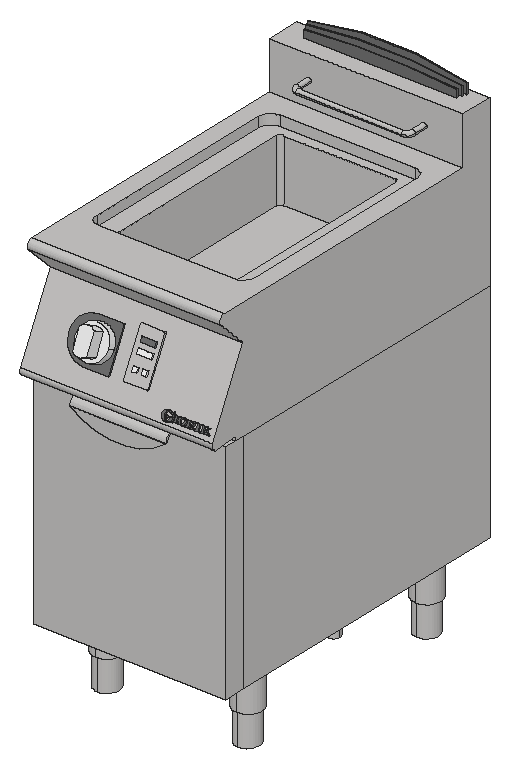
Revit family "QF_GIORIK_FG7413MP", category Specialty Equipment, Revit 2014
Parameters (values of type "FG7413MP")
  Weight in Pounds = 149.9142
  Watts = 100 W
  Volts = 230 V
  URL Cutsheet = "www.giorik.com"
  URL = "www.giorik.com"
  Status [instance] = ""
  Specification by User [instance] = ""
  Specification by Manufacturer = ""
  Show Logo [instance] = yes
  Show Clearance [instance] = yes
  Serial Number = ""
  Seismic Rating = ""
  SMACNA No = ""
  Revision Code [instance] = ""
  Phase = 1
  Number of Poles [instance] = 1
  NAFEM Spec ID Number = ""
  Model = "FG7413MP"
  Min Ckt Ampacity = 0 A
  Mechanical Remarks [instance] = "Natural Gas"
  Mechanical Connection Type [instance] = ""
  Max Overcurrent Protection = 0 A
  Masterspec = ""
  Manufacturer = "GIORIK"
  Item Number [instance] = ""
  Installed By [instance] = ""
  Identify Quantity as Lot [instance] = no
  HP = "0.134102000000"
  Gas Size = 1"
  Gas RI Height [instance] = 0 mm
  Gas KW = 12
  Gas Input = 12000 W
  Gas Connection Height [instance] = 150 mm
  Furnished By [instance] = ""
  Foodservice Equipment Identifier [instance] = yes
  FL Amps = 0 A
  Electrical Remarks [instance] = ""
  Electric Connection Type [instance] = ""
  Elec Conn RI Height [instance] = 0 mm
  Elec Conn Connection Height [instance] = 150 mm
  Description = "13 LITRE MELTING GAS FRYER."
  Cycle = 50 Hz
  Conn Plug = ""
  Conn Conduit [instance] = no
  CSI MasterFormat = ""
  Assembly Code = "E1090320"
  Apparent Power = 100 VA
Reference planes
  plane 1 "Back": y = 0
  plane 2: z = 0
  plane 3 "Left": x = 0
  plane 4 "Right": x = 400
  plane 5 "Front": y = -720
  plane 6 "Top": z = 900
Forms (mm)
  Extrusion 1, solid, visible <- "Show Logo"
    sketch origin (196.604, -736.761, 609.486) x (-1, 0, 0) y (0, 0.452718, 0.891654)
      loop
        line (-118.824, 58.358) -> (-127.804, 58.358) -> (-125.523, 56.445) -> (-125.523, 48.027) -> (-127.804, 46.113) -> (-118.824, 46.113) -> (-121.105, 48.027) -> (-121.105, 56.445) -> (-118.824, 58.358)
      loop
        line (-163.721, 58.358) -> (-172.7, 58.358) -> (-170.42, 56.445) -> (-170.42, 48.027) -> (-172.7, 46.113) -> (-163.721, 46.113) -> (-166.001, 48.027) -> (-166.001, 56.445) -> (-163.721, 58.358)
      loop
        line (-174.332, 58.358) -> (-183.312, 58.358) -> (-181.031, 56.445) -> (-181.031, 52.435) -> (-186.419, 56.955) -> (-184.416, 58.358) -> (-191.268, 58.358) -> (-188.01, 56.839) -> (-185.455, 54.283) -> (-190.846, 47.858) -> (-193.396, 46.93) -> (-193.396, 46.113) -> (-184.416, 46.113) -> (-185.437, 47.571) -> (-182.443, 51.552) -> (-181.031, 50.894) -> (-181.031, 48.027) -> (-183.312, 46.113) -> (-174.332, 46.113) -> (-176.613, 48.027) -> (-176.613, 56.445) -> (-174.332, 58.358)
      loop
        line (-115.429, 62.063) -> (-115.429, 54.198)
        arc (-115.429, 54.198) -> (-111.618, 57.803) -> (-106.847, 59.986) r 16.039
        arc (-106.847, 59.986) -> (-103.314, 59.837) -> (-100.512, 57.68) r 5.851
        arc (-100.512, 57.68) -> (-98.815, 52.267) -> (-100.512, 46.853) r 9.479
        arc (-100.512, 46.853) -> (-102.406, 44.986) -> (-104.846, 43.93) r 7.236
        arc (-104.846, 43.93) -> (-107.728, 44.111) -> (-110.052, 45.825) r 5.11
        line (-110.052, 45.825) -> (-110.052, 52.001) -> (-116.141, 52.001) -> (-116.141, 45.503) -> (-117.893, 43.751) -> (-114.094, 44.769)
        arc (-114.094, 44.769) -> (-112.56, 44.947) -> (-111.129, 44.366) r 3.115
        arc (-111.129, 44.366) -> (-104.216, 42.091) -> (-97.303, 44.366) r 11.641
        arc (-97.303, 44.366) -> (-93.396, 52.107) -> (-97.303, 59.849) r 9.622
        arc (-97.303, 59.849) -> (-104.369, 62.174) -> (-111.435, 59.849) r 11.898
        line (-111.435, 59.849) -> (-115.429, 62.063)
      loop
        arc (-129.234, 56.068) -> (-135.893, 58.628) -> (-142.552, 56.068) r 9.941
        arc (-142.552, 56.068) -> (-144.234, 52.286) -> (-142.552, 48.505) r 5.093
        arc (-142.552, 48.505) -> (-135.893, 45.945) -> (-129.234, 48.505) r 9.941
        arc (-129.234, 48.505) -> (-127.552, 52.286) -> (-129.234, 56.068) r 5.093
      loop
        arc (-132.628, 54.403) -> (-135.893, 57.668) -> (-139.158, 54.403) r 3.265
        line (-139.158, 54.403) -> (-139.158, 50.169)
        arc (-139.158, 50.169) -> (-135.893, 46.904) -> (-132.628, 50.169) r 3.265
        line (-132.628, 50.169) -> (-132.628, 54.403)
      loop
        arc (-156.363, 58.365) -> (-159.647, 55.081) -> (-156.363, 51.796) r 3.285
        line (-156.363, 51.796) -> (-159.529, 47.306) -> (-162.087, 46.113) -> (-155.847, 46.113) -> (-153.529, 51.083) -> (-150.637, 51.083) -> (-150.637, 47.784) -> (-153.022, 46.113) -> (-144.011, 46.113) -> (-146.094, 47.68) -> (-146.094, 56.493) -> (-144.229, 58.365) -> (-156.363, 58.365)
      loop
        line (-150.637, 57.512) -> (-153.637, 57.512)
        arc (-153.637, 57.512) -> (-156.237, 54.912) -> (-153.637, 52.312) r 2.6
        line (-153.637, 52.312) -> (-150.637, 52.312) -> (-150.637, 57.512)
      loop
        line (-108.924, 52.001) -> (-104.936, 49.005) -> (-100.948, 52.001) -> (-108.924, 52.001)
    from 1.5 to -0.5
  Extrusion 2, solid
    sketch origin (-16, 1025.81, 0) x (1, 0, 0) y (0, 1, 0)
      loop
        line (25, -1086.81) -> (25, -1156.81) -> (115, -1156.81) -> (115, -1086.81) -> (25, -1086.81)
    from 148 to 150
  Extrusion 3, solid
    sketch origin (-14, 0, 130) x (1, 0, 0) y (0, 1, 0)
      loop
        circle (54, -385) r 12.5
    from 0 to 20
  Extrusion 4, solid
    sketch origin (0, 1000, -20) x (0, 1, 0) y (0, 0, 1)
      loop
        line (-1000, 989.988) -> (-1070, 989.988) -> (-1070, 889.988) -> (-1688.806, 889.988)
        arc (-1688.806, 889.988) -> (-1699.151, 883.075) -> (-1696.724, 870.873) r 11.197
        line (-1696.724, 870.873) -> (-1640.876, 815.025) -> (-1718.948, 661.258)
        arc (-1718.948, 661.258) -> (-1718.233, 650.105) -> (-1708.118, 645.354) r 10.981
        line (-1708.118, 645.354) -> (-1660, 649.925) -> (-1660, 640) -> (-1000, 640) -> (-1000, 989.988)
    from 0 to 400
  Extrusion 5, solid
    sketch origin (0, 0, 599.536) x (1, 0, 0) y (0, 1, 0)
      loop
        line (0, -640) -> (40, -640) -> (40, -40) -> (360, -40) -> (360, -640) -> (400, -640) -> (400, 0) -> (0, 0) -> (0, -640)
    from -449.536 to 20.464
  Extrusion 6, solid
    sketch origin (0, 0, 0) x (1, 0, 0) y (0, 1, 0)
      loop
        line (40, -40) -> (40, -640) -> (360, -640) -> (360, -40) -> (40, -40)
    from 150 to 190
  Extrusion 7, solid
    sketch origin (-16, 560.81, 0) x (1, 0, 0) y (0, 1, 0)
      loop
        line (25, -1086.81) -> (25, -1156.81) -> (115, -1156.81) -> (115, -1086.81) -> (25, -1086.81)
    from 148 to 150
  Revolve 8, solid
    sketch origin (54, 560.81, 0) x (0, 1, 0) y (0, 0, 1)
      loop
        line (-1092.56, 66) -> (-1092.56, 148) -> (-1121.81, 148) -> (-1121.81, 0) -> (-1096.81, 0) -> (-1096.81, 66) -> (-1092.56, 66)
      axis (-1121.81, 0) -> (-1121.81, 148)
    angle from 0 to 360
  Revolve 9, solid
    sketch origin (54, 1025.81, 0) x (0, 1, 0) y (0, 0, 1)
      loop
        line (-1092.56, 66) -> (-1092.56, 148) -> (-1121.81, 148) -> (-1121.81, 0) -> (-1096.81, 0) -> (-1096.81, 66) -> (-1092.56, 66)
      axis (-1121.81, 0) -> (-1121.81, 148)
    angle from 0 to 360
  Extrusion 10, solid
    sketch origin (416, 560.81, 0) x (-1, 0, 0) y (0, -1, 0)
      loop
        line (25, 1086.81) -> (115, 1086.81) -> (115, 1156.81) -> (25, 1156.81) -> (25, 1086.81)
    from 148 to 150
  Revolve 11, solid
    sketch origin (346, 560.81, 0) x (0, 1, 0) y (0, 0, -1)
      loop
        line (-1092.56, -66) -> (-1096.81, -66) -> (-1096.81, 0) -> (-1121.81, 0) -> (-1121.81, -148) -> (-1092.56, -148) -> (-1092.56, -66)
      axis (-1121.81, 0) -> (-1121.81, -148)
    angle from 0 to 360
  Extrusion 12, solid
    sketch origin (416, -1217.81, 0) x (-1, 0, 0) y (0, -1, 0)
      loop
        line (25, -1086.81) -> (25, -1156.81) -> (115, -1156.81) -> (115, -1086.81) -> (25, -1086.81)
    from 148 to 150
  Revolve 13, solid
    sketch origin (346, -1217.81, 0) x (0, -1, 0) y (0, 0, 1)
      loop
        line (-1092.56, 66) -> (-1092.56, 148) -> (-1121.81, 148) -> (-1121.81, 0) -> (-1096.81, 0) -> (-1096.81, 66) -> (-1092.56, 66)
      axis (-1121.81, 0) -> (-1121.81, 148)
    angle from 0 to 360
  Extrusion 14, solid
    sketch origin (-293.221, -963.345, 52.363) x (1, 0, 0) y (0, 0.452718, 0.891654)
      loop
        line (463.221, 676.25) -> (463.221, 766.25) -> (409.698, 766.25)
        arc (409.698, 766.25) -> (364.698, 721.25) -> (409.698, 676.25) r 45
        line (409.698, 676.25) -> (463.221, 676.25)
    from 48 to 50
  Extrusion 15, solid
    sketch origin (481.331, -1008.697, 74.959) x (-1, 0, 0) y (0, -0.45351, -0.891251)
      loop
        circle (351.331, -721.346) r 35
    from 0 to 15
  Extrusion 16, solid
    sketch origin (481.331, -1008.697, 74.959) x (-1, 0, 0) y (0, -0.45351, -0.891251)
      loop
        arc (336.331, -743.846) -> (351.331, -748.846) -> (366.331, -743.846) r 25
        line (366.331, -743.846) -> (366.331, -698.846)
        arc (366.331, -698.846) -> (351.331, -693.846) -> (336.331, -698.846) r 25
        line (336.331, -698.846) -> (336.331, -743.846)
    from 15 to 40
  Extrusion 17, solid
    sketch origin (-94, 0, 59.999) x (1, 0, 0) y (0, 0, 1)
      loop
        line (135, 909.989) -> (453, 909.989) -> (453, 925.527) -> (347.056, 931.749) -> (240.944, 931.749) -> (135, 925.527) -> (135, 909.989)
    from 32 to 35
  Extrusion 18, solid
    sketch origin (-92, 10, 59.999) x (1, 0, 0) y (0, 0, 1)
      loop
        line (454, 909.989) -> (454, 928.527) -> (346.162, 939.193) -> (237.838, 939.193) -> (130, 928.527) -> (130, 909.989) -> (454, 909.989)
    from 32 to 35
  Extrusion 19, solid
    sketch origin (-90, 20, 59.999) x (1, 0, 0) y (0, 0, 1)
      loop
        line (455, 909.989) -> (455, 930.527) -> (345.396, 947.413) -> (234.604, 947.413) -> (125, 930.527) -> (125, 909.989) -> (455, 909.989)
    from 32 to 35
  Extrusion 20, void
    sketch origin (0, 0, 819.988) x (0, 1, 0) y (-1, 0, 0)
      loop
        arc (-120, -60) -> (-127.322, -42.322) -> (-145, -35) r 25
        line (-145, -35) -> (-565.002, -35)
        arc (-565.002, -35) -> (-582.68, -42.322) -> (-590.002, -60) r 25
        line (-590.002, -60) -> (-590.002, -340)
        arc (-590.002, -340) -> (-582.68, -357.678) -> (-565.002, -365) r 25
        line (-565.002, -365) -> (-145, -365)
        arc (-145, -365) -> (-127.322, -357.678) -> (-120, -340) r 25
        line (-120, -340) -> (-120, -60)
    from -100 to 50
  Extrusion 21, solid
    sketch origin (0, 0, 900) x (0, 1, 0) y (-1, 0, 0)
      loop
        arc (-120, -60) -> (-127.322, -42.322) -> (-145, -35) r 25
        line (-145, -35) -> (-565.002, -35)
        arc (-565.002, -35) -> (-582.68, -42.322) -> (-590.002, -60) r 25
        line (-590.002, -60) -> (-590.002, -340)
        arc (-590.002, -340) -> (-582.68, -357.678) -> (-565.002, -365) r 25
        line (-565.002, -365) -> (-145, -365)
        arc (-145, -365) -> (-127.322, -357.678) -> (-120, -340) r 25
        line (-120, -340) -> (-120, -60)
      loop
        arc (-140, -85.011) -> (-142.929, -77.94) -> (-150, -75.011) r 10
        line (-150, -75.011) -> (-555.002, -75.011)
        arc (-555.002, -75.011) -> (-562.073, -77.94) -> (-565.002, -85.011) r 10
        line (-565.002, -85.011) -> (-565.002, -315)
        arc (-565.002, -315) -> (-562.073, -322.071) -> (-555.002, -325) r 10
        line (-555.002, -325) -> (-150, -325)
        arc (-150, -325) -> (-142.929, -322.071) -> (-140, -315) r 10
        line (-140, -315) -> (-140, -85.011)
    from -180.012 to -50
  Extrusion 22, solid
    sketch origin (0, -725, 0) x (1, 0, 0) y (0, 0, 1)
      loop
        line (0, 620) -> (0, 150) -> (400, 150) -> (400, 620) -> (0, 620)
    from -85 to -40
  Extrusion 23, solid
    sketch origin (2.5, -725, -20.1) x (0, 1, 0) y (0, 0, 1)
      loop
        arc (25, 640.1) -> (14.393, 635.707) -> (10, 625.1) r 15
        line (10, 625.1) -> (12, 625.1)
        arc (12, 625.1) -> (15.808, 634.292) -> (25, 638.1) r 13
        line (25, 638.1) -> (40, 638.1) -> (40, 640.1) -> (25, 640.1)
    from 97.5 to 297.5
  Extrusion 24, solid
    sketch origin (2.5, -724.905, -20.1) x (1, 0, 0) y (0, 0, 1)
      loop
        arc (97.5, 625.1) -> (197.5, 590.089) -> (297.5, 625.1) r 160.316
        line (297.5, 625.1) -> (97.5, 625.1)
    from -11.905 to -9.905
  Extrusion 25, solid, visible <- "Show Clearance", detail levels coarse
    sketch origin (395, -725, 0) x (-1, 0, 0) y (0, -1, 0)
      loop
        line (-5, -40) -> (395, -40)
        arc (395, -40) -> (277.534, 241.069) -> (-5, 354.968) r 395
        line (-5, 354.968) -> (-5, -40)
    from 150 to 620
  Extrusion 26, solid
    sketch origin (0, 0, 100) x (0, 1, 0) y (-1, 0, 0)
      loop
        circle (-380, -380) r 12.5
    from 30 to 50
  Sweep 27, solid
    path origin (0, 0, 919.988) x (0, 1, 0) y (-1, 0, 0)
      loop
        line (-70, -80) -> (-100, -80)
        arc (-100, -80) -> (-107.071, -82.929) -> (-110, -90) r 10
        line (-110, -90) -> (-110, -310)
        arc (-110, -310) -> (-107.071, -317.071) -> (-100, -320) r 10
        line (-100, -320) -> (-70, -320)
    profile origin (80, -85, 919.988) x (1, 0, 0) y (0, 0, 1)
      loop
        circle (0, 0) r 5
  Extrusion 28, solid
    sketch origin (-324.127, -1033.637, 21.856) x (1, 0, 0) y (0, 0.453086, 0.891467)
      loop
        arc (527.687, 837.056) -> (525.919, 836.323) -> (525.187, 834.556) r 2.5
        line (525.187, 834.556) -> (525.187, 739.556)
        arc (525.187, 739.556) -> (525.919, 737.788) -> (527.687, 737.056) r 2.5
        line (527.687, 737.056) -> (572.687, 737.056)
        arc (572.687, 737.056) -> (574.454, 737.788) -> (575.187, 739.556) r 2.5
        line (575.187, 739.556) -> (575.187, 834.556)
        arc (575.187, 834.556) -> (574.454, 836.323) -> (572.687, 837.056) r 2.5
        line (572.687, 837.056) -> (527.687, 837.056)
    from 0 to 2
  Extrusion 29, solid
    sketch origin (-322.169, -1027.435, 34.058) x (1, 0, 0) y (0, 0.453086, 0.891467)
      loop
        line (533.229, 803.367) -> (533.229, 793.367) -> (563.229, 793.367) -> (563.229, 803.367) -> (533.229, 803.367)
    from 0 to 3
  Extrusion 30, solid
    sketch origin (-322.169, -1029.701, 29.601) x (1, 0, 0) y (0, 0.453086, 0.891467)
      loop
        line (533.229, 758.367) -> (533.229, 748.367) -> (543.229, 748.367) -> (543.229, 758.367) -> (533.229, 758.367)
    from 0 to 3
  Extrusion 31, solid
    sketch origin (-322.169, -1036.497, 16.229) x (1, 0, 0) y (0, 0.453086, 0.891467)
      loop
        line (533.229, 803.367) -> (533.229, 793.367) -> (563.229, 793.367) -> (563.229, 803.367) -> (533.229, 803.367)
    from 0 to 3
  Extrusion 32, solid
    sketch origin (-302.169, -1029.701, 29.601) x (1, 0, 0) y (0, 0.453086, 0.891467)
      loop
        line (533.229, 758.367) -> (533.229, 748.367) -> (543.229, 748.367) -> (543.229, 758.367) -> (533.229, 758.367)
    from 0 to 3
Cuts and joins
  Extrusion 20 cuts Extrusion 4
Lines and regions (mm)
  symbolic lines, style "200-EquipBorder-2D"
    curve 1: line (0, -720, 0) -> (400, -720, 0)
    curve 2: line (400, -720, 0) -> (400, 0, 0)
    curve 3: line (400, 0, 0) -> (0, 0, 0)
    curve 4: line (0, 0, 0) -> (0, -720, 0)
  symbolic lines, style "200-EquipInternal-2D"
    curve 5: line (35, -12, 900) -> (365, -12, 900)
    curve 6: line (365, -12, 900) -> (365, -15, 900)
    curve 7: line (365, -15, 900) -> (35, -15, 900)
    curve 8: line (35, -15, 900) -> (35, -12, 900)
    curve 9: line (38, -22, 900) -> (362, -22, 900)
    curve 10: line (362, -22, 900) -> (362, -25, 900)
    curve 11: line (362, -25, 900) -> (38, -25, 900)
    curve 12: line (38, -25, 900) -> (38, -22, 900)
    curve 13: line (41, -32, 900) -> (359, -32, 900)
    curve 14: line (359, -32, 900) -> (359, -35, 900)
    curve 15: line (359, -35, 900) -> (41, -35, 900)
    curve 16: line (41, -35, 900) -> (41, -32, 900)
    curve 17: line (340, -120, 900) -> (60, -120, 900)
    curve 18: arc (60, -120, 900) -> (42.322, -127.322, 900) -> (35, -145, 900) r 25
    curve 19: line (35, -145, 900) -> (35, -565, 900)
    curve 20: arc (365, -145, 900) -> (357.678, -127.322, 900) -> (340, -120, 900) r 25
    curve 21: arc (340, -590, 900) -> (356.212, -584.031, 900) -> (364.682, -568.975, 900) r 25
    curve 22: line (60, -590, 900) -> (340, -590, 900)
    curve 23: arc (35, -565, 900) -> (42.322, -582.678, 900) -> (60, -590, 900) r 25
    curve 24: line (365, -565.002, 900) -> (365, -145, 900)
    curve 27: line (85, -140, 900) -> (315, -140, 900)
    curve 28: line (325, -150, 900) -> (325, -555.002, 900)
    curve 29: line (75, -555.002, 900) -> (75, -150, 900)
    curve 30: line (315, -565.002, 900) -> (85, -565.002, 900)
    curve 31: arc (85, -140, 900) -> (77.929, -142.929, 900) -> (75, -150, 900) r 10
    curve 32: arc (315, -140, 900) -> (322.071, -142.929, 900) -> (325, -150, 900) r 10
    curve 33: arc (75, -555.002, 900) -> (77.929, -562.073, 900) -> (85, -565.002, 900) r 10
    curve 34: arc (315, -565.002, 900) -> (322.071, -562.073, 900) -> (325, -555.002, 900) r 10
    curve 35: line (75, -70, 900) -> (75, -99.667, 900)
    curve 36: line (85, -100, 900) -> (85, -70, 900)
    curve 37: line (89.989, -104.989, 900) -> (310.27, -104.989, 900)
    curve 38: line (315.032, -100.227, 900) -> (315.032, -70, 900)
    curve 39: line (325.032, -70, 900) -> (325.032, -100.301, 900)
    curve 40: line (310.333, -115, 900) -> (90.333, -115, 900)
    curve 41: arc (90.333, -115, 900) -> (79.491, -110.509, 900) -> (75, -99.667, 900) r 15.333
    curve 42: arc (85, -100, 900) -> (86.461, -103.528, 900) -> (89.989, -104.989, 900) r 4.989
    curve 43: arc (310.333, -115, 900) -> (320.727, -110.695, 900) -> (325.032, -100.301, 900) r 14.699
    curve 44: arc (315.032, -100.227, 900) -> (313.637, -103.594, 900) -> (310.27, -104.989, 900) r 4.762
    curve 45: line (85, -70, 900) -> (315.032, -70, 900)
    curve 46: line (0, -70, 900) -> (75, -70, 900)
    curve 47: line (325, -70, 900) -> (400, -70, 900)
  symbolic lines, style "QF_Door-Drawer Clearances", visible <- "Show Clearance", detail levels coarse
    curve 25: arc (400, -1079.968, 0) -> (130.204, -978.101, 0) -> (1.554, -720, 0) r 395
    curve 26: line (400, -720, 0) -> (400, -1079.968, 0)
Dimensions and locks
  plane 3 "Left" to plane 4 "Right" = 400 mm
  plane 5 "Front" to plane 1 "Back" = 720 mm
  plane 4 "Right" to plane 3 "Left" = 400 mm
  plane 1 "Back" to plane 5 "Front" = 720 mm
  plane 6 "Top" to level = 900 mm  (x2)
  aligned and locked: level to plane 2
Connectors
  electrical at (380, -380, 130), driven by "Apparent Power", driven by "Volts", driven by "Number of Poles"
    settings: on Extrusion 26, index 1, voltage 230 V, apparent load 0 VA, apparent load phase1 100 VA, apparent load phase2 0 VA, apparent load phase3 0 VA, power factor 1, load classification "Other", number of poles 1, system type 31, power factor state 1, is connector primary yes, connector utility no, sub classification motor no, connector description "Electrical connection"
  piping at (40, -385, 130), diameter 25.4, driven by "Gas Size"
    settings: on Extrusion 3, index 2, connector inside diameter 24", connector length 0 mm, flow factor 0, pipe flow 0.0 L/s, pressure drop 0.0 Pa, fitting loss kfactor 0, connector angle 0.00°, fixture units 0, engagement length 0 mm, angle of deflection 0.00°, flow configuration 1, flow direction 1, fitting loss method 0, system type 22, joint type 0, gender type 0, connector reference index -1, connector utility 0, adjustable connector no, is connector primary yes, connector description "Gas inlet"
